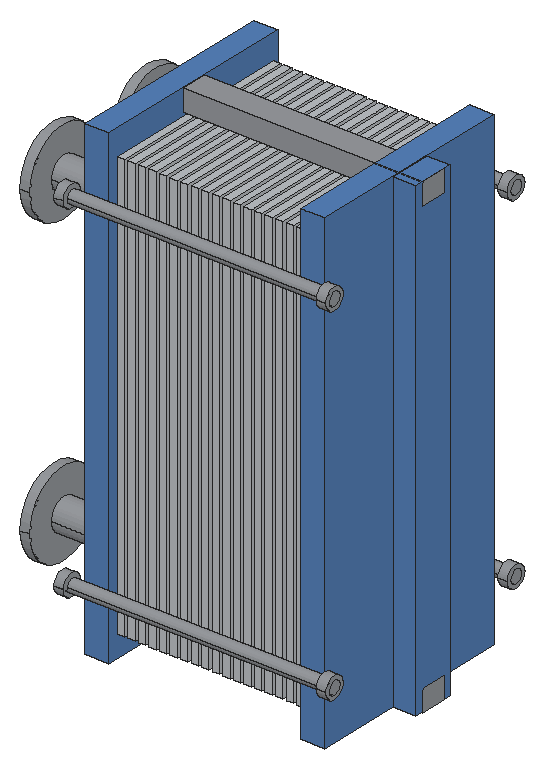
Revit family "CVC_Preparateur-ECS_Echangeur-plaques", category Equipement de génie climatique, Revit 2026
Family settings
  Cote de connecteur circulaire = Utiliser le diamètre
  Type d'élément = Normal
  Basée sur le plan de construction = Non
  Toujours verticalement = Oui
  Couper avec des vides une fois chargée = Non
  Conserver l'orientation des annotations = Non
  Partagée = Non
  Repère de localisation dans la pièce = Non
Parameters (values of type "100 kW")
  Source = "CCTP lot 12 § 4.5"
  Modèle = "Échangeur à plaques"
  Fabricant = "Non imposée"
  Elévation par défaut = 0 mm
  Description = "Préparateur ECS instantané"
  Caractéristiques CCTP = "100 kW, régime 70/50 °C"
  A vérifier = "Marque et dimensions à choisir"
Reference planes
  plane 1 "Centre (avant/arrière)": y = 0
  plane 2: z = 0
  plane 3 "Centre (gauche/droite)": x = 0
Forms (mm)
  Extrusion 1, solid, material "EHPAD_bleu"
    sketch origin (0, 0, 0) x (1, 0, 0) y (0, 1, 0)
      loop
        line (-250, -200) -> (-205, -200) -> (-205, 200) -> (-250, 200) -> (-250, -200)
    from 0 to 900
  Extrusion 2, solid, material "EHPAD_bleu"
    sketch origin (0, 0, 0) x (1, 0, 0) y (0, 1, 0)
      loop
        line (160, -200) -> (205, -200) -> (205, 200) -> (160, 200) -> (160, -200)
    from 0 to 900
  Extrusion 3, solid, material "EHPAD_bleu"
    sketch origin (0, 0, 0) x (1, 0, 0) y (0, 1, 0)
      loop
        line (205, -40) -> (250, -40) -> (250, 40) -> (205, 40) -> (205, -40)
    from 0 to 900
  Extrusion 4, solid, material "EHPAD_acier"
    sketch origin (0, 0, 860) x (1, 0, 0) y (0, 1, 0)
      loop
        line (-205, -25) -> (250, -25) -> (250, 25) -> (-205, 25) -> (-205, -25)
    from 0 to 40
  Extrusion 5, solid, material "EHPAD_acier"
    sketch origin (0, 0, 0) x (1, 0, 0) y (0, 1, 0)
      loop
        line (-205, -25) -> (250, -25) -> (250, 25) -> (-205, 25) -> (-205, -25)
    from 0 to 40
  Extrusion 6, solid, material "EHPAD_galva"
    sketch origin (0, 0, 45) x (1, 0, 0) y (0, 1, 0)
      loop
        line (-200, -185) -> (-186, -185) -> (-186, 185) -> (-200, 185) -> (-200, -185)
    from 0 to 810
  Extrusion 7, solid, material "EHPAD_galva"
    sketch origin (0, 0, 45) x (1, 0, 0) y (0, 1, 0)
      loop
        line (-180, -185) -> (-166, -185) -> (-166, 185) -> (-180, 185) -> (-180, -185)
    from 0 to 810
  Extrusion 8, solid, material "EHPAD_galva"
    sketch origin (0, 0, 45) x (1, 0, 0) y (0, 1, 0)
      loop
        line (-160, -185) -> (-146, -185) -> (-146, 185) -> (-160, 185) -> (-160, -185)
    from 0 to 810
  Extrusion 9, solid, material "EHPAD_galva"
    sketch origin (0, 0, 45) x (1, 0, 0) y (0, 1, 0)
      loop
        line (-140, -185) -> (-126, -185) -> (-126, 185) -> (-140, 185) -> (-140, -185)
    from 0 to 810
  Extrusion 10, solid, material "EHPAD_galva"
    sketch origin (0, 0, 45) x (1, 0, 0) y (0, 1, 0)
      loop
        line (-120, -185) -> (-106, -185) -> (-106, 185) -> (-120, 185) -> (-120, -185)
    from 0 to 810
  Extrusion 11, solid, material "EHPAD_galva"
    sketch origin (0, 0, 45) x (1, 0, 0) y (0, 1, 0)
      loop
        line (-100, -185) -> (-86, -185) -> (-86, 185) -> (-100, 185) -> (-100, -185)
    from 0 to 810
  Extrusion 12, solid, material "EHPAD_galva"
    sketch origin (0, 0, 45) x (1, 0, 0) y (0, 1, 0)
      loop
        line (-80, -185) -> (-66, -185) -> (-66, 185) -> (-80, 185) -> (-80, -185)
    from 0 to 810
  Extrusion 13, solid, material "EHPAD_galva"
    sketch origin (0, 0, 45) x (1, 0, 0) y (0, 1, 0)
      loop
        line (-60, -185) -> (-46, -185) -> (-46, 185) -> (-60, 185) -> (-60, -185)
    from 0 to 810
  Extrusion 14, solid, material "EHPAD_galva"
    sketch origin (0, 0, 45) x (1, 0, 0) y (0, 1, 0)
      loop
        line (-40, -185) -> (-26, -185) -> (-26, 185) -> (-40, 185) -> (-40, -185)
    from 0 to 810
  Extrusion 15, solid, material "EHPAD_galva"
    sketch origin (0, 0, 45) x (1, 0, 0) y (0, 1, 0)
      loop
        line (-20, -185) -> (-6, -185) -> (-6, 185) -> (-20, 185) -> (-20, -185)
    from 0 to 810
  Extrusion 16, solid, material "EHPAD_galva"
    sketch origin (0, 0, 45) x (1, 0, 0) y (0, 1, 0)
      loop
        line (0, -185) -> (14, -185) -> (14, 185) -> (0, 185) -> (0, -185)
    from 0 to 810
  Extrusion 17, solid, material "EHPAD_galva"
    sketch origin (0, 0, 45) x (1, 0, 0) y (0, 1, 0)
      loop
        line (20, -185) -> (34, -185) -> (34, 185) -> (20, 185) -> (20, -185)
    from 0 to 810
  Extrusion 18, solid, material "EHPAD_galva"
    sketch origin (0, 0, 45) x (1, 0, 0) y (0, 1, 0)
      loop
        line (40, -185) -> (54, -185) -> (54, 185) -> (40, 185) -> (40, -185)
    from 0 to 810
  Extrusion 19, solid, material "EHPAD_galva"
    sketch origin (0, 0, 45) x (1, 0, 0) y (0, 1, 0)
      loop
        line (60, -185) -> (74, -185) -> (74, 185) -> (60, 185) -> (60, -185)
    from 0 to 810
  Extrusion 20, solid, material "EHPAD_galva"
    sketch origin (0, 0, 45) x (1, 0, 0) y (0, 1, 0)
      loop
        line (80, -185) -> (94, -185) -> (94, 185) -> (80, 185) -> (80, -185)
    from 0 to 810
  Extrusion 21, solid, material "EHPAD_galva"
    sketch origin (0, 0, 45) x (1, 0, 0) y (0, 1, 0)
      loop
        line (100, -185) -> (114, -185) -> (114, 185) -> (100, 185) -> (100, -185)
    from 0 to 810
  Extrusion 22, solid, material "EHPAD_galva"
    sketch origin (0, 0, 45) x (1, 0, 0) y (0, 1, 0)
      loop
        line (120, -185) -> (134, -185) -> (134, 185) -> (120, 185) -> (120, -185)
    from 0 to 810
  Extrusion 23, solid, material "EHPAD_galva"
    sketch origin (0, 0, 45) x (1, 0, 0) y (0, 1, 0)
      loop
        line (140, -185) -> (154, -185) -> (154, 185) -> (140, 185) -> (140, -185)
    from 0 to 810
  Extrusion 24, solid, material "EHPAD_acier"
    sketch origin (-280, -215, 120) x (0, 1, 0) y (0, 0, 1)
      loop
        circle (0, 0) r 12
    from 0 to 515
  Extrusion 25, solid, material "EHPAD_acier"
    sketch origin (-280, -215, 120) x (0, 1, 0) y (0, 0, 1)
      loop
        circle (0, 0) r 20
    from 0 to 18
  Extrusion 26, solid, material "EHPAD_acier"
    sketch origin (217, -215, 120) x (0, 1, 0) y (0, 0, 1)
      loop
        circle (0, 0) r 20
    from 0 to 18
  Extrusion 27, solid, material "EHPAD_acier"
    sketch origin (-280, -215, 780) x (0, 1, 0) y (0, 0, 1)
      loop
        circle (0, 0) r 12
    from 0 to 515
  Extrusion 28, solid, material "EHPAD_acier"
    sketch origin (-280, -215, 780) x (0, 1, 0) y (0, 0, 1)
      loop
        circle (0, 0) r 20
    from 0 to 18
  Extrusion 29, solid, material "EHPAD_acier"
    sketch origin (217, -215, 780) x (0, 1, 0) y (0, 0, 1)
      loop
        circle (0, 0) r 20
    from 0 to 18
  Extrusion 30, solid, material "EHPAD_acier"
    sketch origin (-280, 215, 120) x (0, 1, 0) y (0, 0, 1)
      loop
        circle (0, 0) r 12
    from 0 to 515
  Extrusion 31, solid, material "EHPAD_acier"
    sketch origin (-280, 215, 120) x (0, 1, 0) y (0, 0, 1)
      loop
        circle (0, 0) r 20
    from 0 to 18
  Extrusion 32, solid, material "EHPAD_acier"
    sketch origin (217, 215, 120) x (0, 1, 0) y (0, 0, 1)
      loop
        circle (0, 0) r 20
    from 0 to 18
  Extrusion 33, solid, material "EHPAD_acier"
    sketch origin (-280, 215, 780) x (0, 1, 0) y (0, 0, 1)
      loop
        circle (0, 0) r 12
    from 0 to 515
  Extrusion 34, solid, material "EHPAD_acier"
    sketch origin (-280, 215, 780) x (0, 1, 0) y (0, 0, 1)
      loop
        circle (0, 0) r 20
    from 0 to 18
  Extrusion 35, solid, material "EHPAD_acier"
    sketch origin (217, 215, 780) x (0, 1, 0) y (0, 0, 1)
      loop
        circle (0, 0) r 20
    from 0 to 18
  Extrusion 36, solid, material "EHPAD_acier"
    sketch origin (-250, -110, 740) x (0, -1, 0) y (0, 0, 1)
      loop
        circle (0, 0) r 30.15
    from 0 to 130
  Extrusion 37, solid, material "EHPAD_chaud"
    sketch origin (-273.4, -110, 740) x (0, -1, 0) y (0, 0, 1)
      loop
        circle (0, 0) r 33.15
    from 0 to 18.2
  Extrusion 38, solid, material "EHPAD_acier"
    sketch origin (-362, -110, 740) x (0, -1, 0) y (0, 0, 1)
      loop
        circle (0, 0) r 80.15
    from 0 to 18
  Extrusion 39, solid, material "EHPAD_acier"
    sketch origin (-250, -110, 160) x (0, -1, 0) y (0, 0, 1)
      loop
        circle (0, 0) r 30.15
    from 0 to 130
  Extrusion 40, solid, material "EHPAD_froid"
    sketch origin (-273.4, -110, 160) x (0, -1, 0) y (0, 0, 1)
      loop
        circle (0, 0) r 33.15
    from 0 to 18.2
  Extrusion 41, solid, material "EHPAD_acier"
    sketch origin (-362, -110, 160) x (0, -1, 0) y (0, 0, 1)
      loop
        circle (0, 0) r 80.15
    from 0 to 18
  Extrusion 42, solid, material "EHPAD_acier"
    sketch origin (-250, 110, 740) x (0, -1, 0) y (0, 0, 1)
      loop
        circle (0, 0) r 30.15
    from 0 to 130
  Extrusion 43, solid, material "EHPAD_chaud"
    sketch origin (-273.4, 110, 740) x (0, -1, 0) y (0, 0, 1)
      loop
        circle (0, 0) r 33.15
    from 0 to 18.2
  Extrusion 44, solid, material "EHPAD_acier"
    sketch origin (-362, 110, 740) x (0, -1, 0) y (0, 0, 1)
      loop
        circle (0, 0) r 80.15
    from 0 to 18
  Extrusion 45, solid, material "EHPAD_acier"
    sketch origin (-250, 110, 160) x (0, -1, 0) y (0, 0, 1)
      loop
        circle (0, 0) r 30.15
    from 0 to 130
  Extrusion 46, solid, material "EHPAD_froid"
    sketch origin (-273.4, 110, 160) x (0, -1, 0) y (0, 0, 1)
      loop
        circle (0, 0) r 33.15
    from 0 to 18.2
  Extrusion 47, solid, material "EHPAD_acier"
    sketch origin (-362, 110, 160) x (0, -1, 0) y (0, 0, 1)
      loop
        circle (0, 0) r 80.15
    from 0 to 18
Dimensions and locks
  aligned and locked: level to plane 2
Connectors
  piping at (-380, -110, 740), diameter 50
    settings: on Extrusion 36, index 1, connector inside diameter 609.6 mm, connector length 0 mm, flow factor 0, pipe flow 0.0 L/s, pressure drop 0.0 Pa, fitting loss kfactor 0, connector angle 0.00°, fixture units 0, engagement length 0 mm, angle of deflection 0.00°, flow configuration 0, flow direction 0, fitting loss method 0, system type 7, joint type 0, gender type 0, connector reference index -1, connector utility 0, adjustable connector no, is connector primary yes, connector description "Primaire entrée 70 °C"
  piping at (-380, -110, 160), diameter 50
    settings: on Extrusion 39, index 2, connector inside diameter 609.6 mm, connector length 0 mm, flow factor 0, pipe flow 0.0 L/s, pressure drop 0.0 Pa, fitting loss kfactor 0, connector angle 0.00°, fixture units 0, engagement length 0 mm, angle of deflection 0.00°, flow configuration 0, flow direction 0, fitting loss method 0, system type 8, joint type 0, gender type 0, connector reference index -1, connector utility 0, adjustable connector no, is connector primary no, connector description "Primaire sortie 50 °C"
  piping at (-380, 110, 740), diameter 50
    settings: on Extrusion 42, index 3, connector inside diameter 609.6 mm, connector length 0 mm, flow factor 0, pipe flow 0.0 L/s, pressure drop 0.0 Pa, fitting loss kfactor 0, connector angle 0.00°, fixture units 0, engagement length 0 mm, angle of deflection 0.00°, flow configuration 0, flow direction 0, fitting loss method 0, system type 19, joint type 0, gender type 0, connector reference index -1, connector utility 0, adjustable connector no, is connector primary no, connector description "ECS sortie"
  piping at (-380, 110, 160), diameter 50
    settings: on Extrusion 45, index 4, connector inside diameter 609.6 mm, connector length 0 mm, flow factor 0, pipe flow 0.0 L/s, pressure drop 0.0 Pa, fitting loss kfactor 0, connector angle 0.00°, fixture units 0, engagement length 0 mm, angle of deflection 0.00°, flow configuration 0, flow direction 0, fitting loss method 0, system type 20, joint type 0, gender type 0, connector reference index -1, connector utility 0, adjustable connector no, is connector primary no, connector description "Eau froide entrée"
